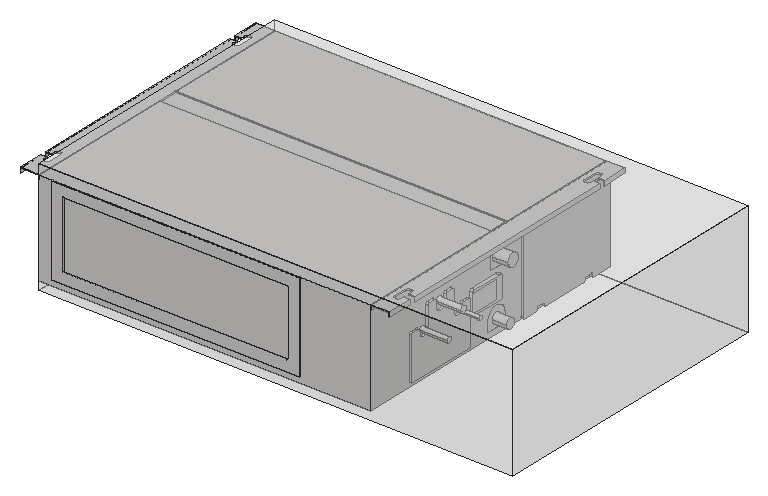
Revit family "outputfile", category 機械設備, Revit 2024
Family settings
  丸型コネクタ寸法 = 半径を使用
  パーツ タイプ = 標準
  OmniClass 番号 = 23.75.10.24.21.27.27
  OmniClass タイトル = Split System Air Conditioning Units
  作業面ベース = いいえ
  常に垂直 = はい
  ロード時にボイドで切り取り = いいえ
  注釈の向きを維持 = いいえ
  共有 = いいえ
  部屋計算ポイント = はい
Parameters (values of type "FPRSQ20APVM")
  Description = ""
  製造元 = "Daikin"
  書き出し IFC クラス(タイプ) = "IfcUnitaryEquipmentType"
  定義済み IFC タイプ(タイプ) = "AIRCONDITIONINGUNIT"
  Cost = 0
  モデル = "FPRSQ20APVM"
  Type Comments = ""
  Keynote = ""
  Type Image = (empty or 0)
  Assembly Code = ""
  r_HP/LP Gas Pipe Size = [HP/LP Gas Pipe Size] / 2  # 4.75 mm
  lw_suctionflange = 40.0 mm  # constant formula
  r_Liquid Pipe Size = Liquid Pipe Size / 2  # 3.2 mm
  r_Gas Pipe Size = Gas Pipe Size / 2  # 6.35 mm
  r_Drain Pipe Size = Drain Pipe Size / 2  # 13.0 mm
  lw_dischargeflange = 61.0 mm
  lw_SA_left = 351.0 mm
  lw_SA = Width - 178.0 mm  # 522.0 mm
  lw_RA = 618.0 mm
  lw_HP/LP Gas = 60.0 mm  # constant formula
  lh_suctionflange [instance] = if(Rear Connection_Return Air, -100.0 mm, -10.0 mm)  # -100.0 mm
  lh_power = 100.0 mm  # constant formula
  lh_mountinghole1 = lh_mountinghole  # 200.0 mm
  lh_dischargeflange = 105.5 mm  # constant formula
  lh_RA = 198.0 mm  # constant formula
  lh_HP/LP Gas = -103.0 mm  # constant formula
  left_pipe = no
  ld_dischargeflange = 310.0 mm  # constant formula
  ld_suctionflange [instance] = if(Rear Connection_Return Air, 190.0 mm, 100.0 mm)  # 190.0 mm
  ld_HP/LP Gas = 179.0 mm  # constant formula
  angle_vertical_RA [instance] = if(Rear Connection_Return Air, 90.00°, 0.00°)  # 90.00°
  angle horizontal_RA [instance] = if(Rear Connection_Return Air, 180.00°, 270.00°)  # 180.00°
  Voltage_comment_60Hz = "220-230"
  Voltage_comment_50Hz = "220 - 240"
  Voltage_60Hz = 220 V
  Voltage_50Hz = 230 V
  URL = ""
  Supply Air Direction [instance] = yes
  Sound Power Level_H speed (dB) = 0
  Rear Connection_Return Air [instance] = not(Bottom Connection_Return Air)  # yes
  ld_RA = 190.0 mm  # constant formula
  Phase_60Hz = 1
  Phase_50Hz = 1
  Minimum External Static Pressure = 0.00 Pa
  Minimum Circuit Amps_60Hz = 0.44 A
  Minimum Circuit Amps_50Hz = 0.44 A
  Maximum Fuse Amps_60Hz = 16.0 A
  Maximum Fuse Amps_50Hz = 16.0 A
  Maximum External Static Pressure = 10.00 Pa
  Material_Casing = DAIKIN_GalvanizedSteel_Casing_indoorunit
  lw_mountinghole = 740.0 mm
  lh_gaspipe = -67.0 mm  # constant formula
  lh_mountinghole = 200.0 mm  # constant formula
  lh_liquidpipe = -103.0 mm  # constant formula
  lh_drainpipe = -50.0 mm  # constant formula
  lh_antena = 1.0 mm  # constant formula
  ld_drainpipe = 23.0 mm  # constant formula
  ld_liquidpipe = 89.0 mm  # constant formula
  ld_gaspipe = 134.0 mm  # constant formula
  ld_mountinghole = 500.0 mm  # constant formula
  h*** = 100.0 mm  # constant formula
  lw_liquidpipe = 54.5 mm  # constant formula
  lw_gaspipe = 54.5 mm  # constant formula
  lw_drainpipe = 33.0 mm  # constant formula
  Width = 700.0 mm
  Version = "ver.1.0"
  Unit Type = "Moisture Control Intelligent 3D Air Flow Ceiling Mounted Duct Type"
  Unit Mass Weight = 24.00 kg
  Unit Designation [instance] = ""
  Uniclass2015Version = "Products v1.30"
  Uniclass2015Title = "Variable refrigerant flow units"
  Uniclass2015Code = "Pr_70_65_03_94"
  Total Cooling Capacity [instance] = 0.000 kW
  Sound Pressure Level_M speed (dBA) = 26
  Sound Pressure Level_L speed (dBA) = 23
  Sound Pressure Level_H speed (dBA) = 29
  Series = "VRV HOME_Fan Coil Unit"
  Sensible Cooling Capacity [instance] = 0.000 kW
  SA Duct Size Width = 456.0 mm
  SA Duct Size Height = 141.0 mm
  Refrigerant Type = "R410A"
  RA Duct Size Width = 580.0 mm
  RA Duct Size Height = 160.0 mm
  Power Input (Cooling) = 0.033 kW
  Option Accessory 3 [instance] = ""
  Option Accessory 2 [instance] = ""
  Option Accessory 1 [instance] = ""
  Nominal Cooling Capacity = 2.200 kW
  Minimum Airflow = 324.00 m³/h
  Median Airflow = 378.00 m³/h
  Maximum Airflow = 432.00 m³/h
  Load Classification = HVAC
  Liquid Pipe Size = 6.4 mm
  Link_Nested Family [instance] = ""
  IfcVersion = ""
  IfcExportType = "AIRCONDITIONINGUNIT"
  IfcExportAs = "IfcUnitaryEquipmentType"
  Height = 200.0 mm
  Heat Exchanger Type = "Cross Fin Coil"
  HP/LP Gas Pipe Size = 9.5 mm
  Gas Pipe Size = 12.7 mm
  Frequency_60Hz = 60 Hz
  Frequency_50Hz = 50 Hz
  Fan Type = "Sirocco Fan"
  Fan Drive = "Direct Drive"
  FCU Tag No. [instance] = ""
  Drain Pipe Size = 26.0 mm
  Design Supply Airflow [instance] = 0.00 m³/h
  Design Return Airflow [instance] = 0.00 m³/h
  Design External Static Pressure [instance] = 0.00 Pa
  Depth = 620.0 mm
  既定の高さ = 0.0 mm
  Cooling Entering Wet Bulb Temperature [instance] = 0.00 °C
  Cooling Entering Dry Bulb Temperature [instance] = 0.00 °C
  Cooling Ambient Wet Bulb Temperature [instance] = 0.00 °C
  Cooling Ambient Dry Bulb Temperature [instance] = 0.00 °C
  Clearance visibility [instance] = yes
  Clearance Top = 20.0 mm
  Clearance Right = 300.0 mm
  Clearance Rear = 0.0 mm
  Clearance Left = 0.0 mm
  Clearance Front = 0.0 mm
  Clearance Bottom = 20.0 mm
  Bottom Connection_Return Air [instance] = no
Reference planes
  plane 1 "Center (Front/Back)": y = 0
  plane 2 "h": z = 0
  plane 3 "Center (Left/Right)": x = 0
  plane 4 "Back": y = 310
  plane 5 "Front": y = -310
  plane 6 "Left": x = -350
  plane 7 "Reight": x = 350
  plane 8 "Top": z = 0
  plane 9 "Bottom": z = -200
  plane 10: z = 1.2
  plane 11: z = -2
  plane 12: y = -136.255
  plane 13: y = -88.831
  plane 14: x = -370
  plane 15 "lh_mountinghole": z = 0
  plane 16: z = -50
  plane 17: y = -250
  plane 18: y = 250
  plane 19 "ld_liquidpipe": y = -89
  plane 20 "ld_gaspipe": y = -134
  plane 21: y = -215
  plane 22 "ld_drainpipe": y = 23
  plane 23: x = -370
  plane 24: x = -350
  plane 25: x = 348.7
  plane 26: x = 383
  plane 27: x = 357
  plane 28: x = 360
  plane 29: x = 358
  plane 30: x = 370
  plane 31: y = 20
  plane 32: x = 380
  plane 33: x = 348
  plane 34: y = 310
  plane 35: y = -310
  plane 36: x = -350
  plane 37: x = 650
  plane 38: z = 20
  plane 39: z = -220
  plane 40: y = 335
  plane 41: z = -198
  plane 42: z = 205.102
  plane 43 "d_liquid_pipe": x = 404.5
  plane 44 "d_gas_pipe": x = 404.5
  plane 45 "ld_SA": y = -310
  plane 46: x = -350
  plane 47: x = -61
  plane 48: y = 500
  plane 49: z = -94.5
  plane 50: x = -349
  plane 51: z = -199
  plane 52: z = -1
  plane 53: y = 120
  plane 54: y = 110
  plane 55: z = -10
  plane 56 "RA_width": x = -40
  plane 57: y = 210
  plane 58 "RA_depth": y = 120
  plane 59: z = -100
  plane 60: x = -349
  plane 61: y = 309
  plane 62: x = 241.57
  plane 63: z = -30
  plane 64 "ld_HP/LP Gas": y = -179
  plane 65: x = 410
  plane 66: x = 330.5
  plane 67: y = 260.8
  plane 68 "h115": z = -84.79
  plane 69: y = 194.79
Forms (mm)
  Extrusion 1, solid, material "DAIKIN_GalvanizedSteel_Casing_indoorunit" <- "Material_Casing"
    sketch origin (0, 0, 0) x (1, 0, 0) y (0, 1, 0)
      loop
        line (-350, 310) -> (-350, -310) -> (350, -310) -> (350, 310) -> (-350, 310)
    from -200 to 0
  Extrusion 2, solid, material "DAIKIN_GalvanizedSteel_Casing_indoorunit" <- "Material_Casing"
    sketch origin (0, 0, 0) x (0, 1, 0) y (0, 0, 1)
      loop
        arc (22.012, -86.909) -> (21.133, -84.787) -> (19.012, -83.909) r 3
        line (19.012, -83.909) -> (-47.992, -83.909)
        arc (-47.992, -83.909) -> (-50.114, -84.788) -> (-50.992, -86.91) r 3
        line (-50.992, -86.91) -> (-50.992, -128.409)
        arc (-50.992, -128.409) -> (-50.114, -130.53) -> (-47.992, -131.409) r 3
        line (-47.992, -131.409) -> (19.012, -131.409)
        arc (19.012, -131.409) -> (21.133, -130.53) -> (22.012, -128.409) r 3
        line (22.012, -128.409) -> (22.012, -86.909)
    from 350 to 360
  Extrusion 3, void
    sketch origin (0, 0, 0) x (1, 0, 0) y (0, 1, 0)
      loop
        line (348.7, 48.53) -> (-350, 48.53) -> (-350, 6.27) -> (348.7, 6.27) -> (348.7, 48.53)
    from -2 to 0
  Extrusion 4, void
    sketch origin (0, 0, 0) x (0, 1, 0) y (0, 0, 1)
      loop
        line (-138.492, -87.409) -> (-138.492, -127.909) -> (9.612, -127.909) -> (9.612, -87.409) -> (-138.492, -87.409)
    from 358 to 360
  Extrusion 5, solid, material "DAIKIN_GalvanizedSteel_Casing_indoorunit" <- "Material_Casing"
    sketch origin (0, 0, 0) x (0, 1, 0) y (0, 0, 1)
      loop
        circle (20, -170) r 10
    from 350 to 380
  Extrusion 6, solid, material "DAIKIN_GalvanizedSteel_Casing_indoorunit" <- "Material_Casing"
    sketch origin (0, 0, 0) x (0, 1, 0) y (0, 0, 1)
      loop
        circle (23, -50) r 13
    from 348 to 383
  Extrusion 7, void
    sketch origin (0, 0, 0) x (0, 1, 0) y (0, 0, 1)
      loop
        arc (2.051, -70.461) -> (3.512, -73.988) -> (7.039, -75.449) r 4.988
        line (7.039, -75.449) -> (38.961, -75.449)
        arc (38.961, -75.449) -> (42.488, -73.988) -> (43.949, -70.461) r 4.988
        line (43.949, -70.461) -> (43.949, -34.039)
        arc (43.949, -34.039) -> (42.488, -30.512) -> (38.961, -29.051) r 4.988
        line (38.961, -29.051) -> (7.039, -29.051)
        arc (7.039, -29.051) -> (3.512, -30.512) -> (2.051, -34.039) r 4.988
        line (2.051, -34.039) -> (2.051, -70.461)
      loop
        arc (44.442, -169.501) -> (20.002, -145.061) -> (-4.438, -169.501) r 24.44
        line (-4.438, -169.501) -> (-4.438, -189.537) -> (44.442, -189.537) -> (44.442, -169.501)
    from 348 to 350
  Extrusion 8, solid
    sketch origin (0, 0, 0) x (0, 1, 0) y (0, 0, 1)
      loop
        circle (-89, -103) r 3.2
    from 350 to 404.5
  Extrusion 9, solid
    sketch origin (0, 0, 0) x (0, 1, 0) y (0, 0, 1)
      loop
        circle (-134, -67) r 6.35
    from 350 to 404.5
  Extrusion 10, solid, material "DAIKIN_GalvanizedSteel_Casing_indoorunit" <- "Material_Casing"
    sketch origin (0, 0, 0) x (1, 0, 0) y (0, 1, 0)
      loop
        circle (330.5, 260.8) r 17.5
    from -198 to -200
  Extrusion 11, void
    sketch origin (0, 0, 0) x (1, 0, 0) y (0, 0, 1)
      loop
        line (-349, -1) -> (-349, -199) -> (269, -199) -> (269, -1) -> (-349, -1)
    from -310 to -120
  Extrusion 12, void
    sketch origin (0, 0, 0) x (1, 0, 0) y (0, 1, 0)
      loop
        line (-349, 309) -> (-349, 111) -> (269, 111) -> (269, 309) -> (-349, 309)
    from -200 to -10
  Extrusion 13, solid, material "DAIKIN_GalvanizedSteel_Casing_indoorunit" <- "Material_Casing", visible <- "Rear Connection_Return Air"
    sketch origin (0, 0, 0) x (1, 0, 0) y (0, 1, 0)
      loop
        line (269, 309) -> (-349, 309) -> (-349, 111) -> (269, 111) -> (269, 309)
    from -200 to -199
  Extrusion 14, solid, material "DAIKIN_GalvanizedSteel_Casing_indoorunit" <- "Material_Casing", visible <- "Bottom Connection_Return Air"
    sketch origin (0, 0, 0) x (1, 0, 0) y (0, 0, 1)
      loop
        line (269, -1) -> (-349, -1) -> (-349, -199) -> (269, -199) -> (269, -1)
    from -310 to -300
  Extrusion 15, solid
    sketch origin (0, 0, 0) x (0, 1, 0) y (0, 0, 1)
      loop
        circle (-179, -103) r 4.75
    from 350 to 410
  Extrusion 16, solid, material "DAIKIN_GalvanizedSteel_Casing_indoorunit" <- "Material_Casing"
    sketch origin (0, 0, 0) x (0, 1, 0) y (0, 0, 1)
      loop
        arc (83.953, -195.012) -> (84.829, -197.128) -> (86.945, -198.005) r 2.993
        line (86.945, -198.005) -> (116.373, -198.005)
        arc (116.373, -198.005) -> (118.489, -197.128) -> (119.366, -195.012) r 2.993
        line (119.366, -195.012) -> (119.366, -188.29)
        arc (119.366, -188.29) -> (120.862, -186.794) -> (122.359, -188.29) r 1.496
        line (122.359, -188.29) -> (122.359, -190.333) -> (137.322, -190.333) -> (137.322, -188.29)
        arc (137.322, -188.29) -> (138.818, -186.794) -> (140.315, -188.29) r 1.496
        line (140.315, -188.29) -> (140.315, -195.012)
        arc (140.315, -195.012) -> (141.191, -197.128) -> (143.307, -198.005) r 2.993
        line (143.307, -198.005) -> (241.068, -198.005)
        arc (241.068, -198.005) -> (243.185, -197.128) -> (244.061, -195.012) r 2.993
        line (244.061, -195.012) -> (244.061, -188.29)
        arc (244.061, -188.29) -> (245.558, -186.794) -> (247.054, -188.29) r 1.496
        line (247.054, -188.29) -> (247.054, -190.333) -> (262.017, -190.333) -> (262.017, -188.29)
        arc (262.017, -188.29) -> (263.514, -186.794) -> (265.01, -188.29) r 1.496
        line (265.01, -188.29) -> (265.01, -195.012)
        arc (265.01, -195.012) -> (265.887, -197.128) -> (268.003, -198.005) r 2.993
        line (268.003, -198.005) -> (310, -198.005) -> (310, -22.445) -> (280.969, -22.445) -> (277.477, -25.937) -> (207.648, -25.937) -> (204.157, -22.445) -> (86.945, -22.445)
        arc (86.945, -22.445) -> (84.829, -23.322) -> (83.953, -25.438) r 2.993
        line (83.953, -25.438) -> (83.953, -195.012)
      loop
        arc (-116.44, -57.656) -> (-118.563, -58.535) -> (-119.443, -60.659) r 3.003
        line (-119.443, -60.659) -> (-119.443, -71.5)
        arc (-119.443, -71.5) -> (-134, -86.057) -> (-148.557, -71.5) r 14.557
        line (-148.557, -71.5) -> (-148.557, -60.659)
        arc (-148.557, -60.659) -> (-149.437, -58.535) -> (-151.56, -57.656) r 3.003
        line (-151.56, -57.656) -> (-164.073, -57.656)
        arc (-164.073, -57.656) -> (-166.196, -58.535) -> (-167.076, -60.659) r 3.003
        line (-167.076, -60.659) -> (-167.076, -103)
        arc (-167.076, -103) -> (-179.13, -115.055) -> (-191.185, -103) r 12.055
        line (-191.185, -103) -> (-191.185, -98.897)
        arc (-191.185, -98.897) -> (-192.064, -96.774) -> (-194.188, -95.894) r 3.003
        line (-194.188, -95.894) -> (-208.202, -95.894)
        arc (-208.202, -95.894) -> (-210.325, -96.774) -> (-211.205, -98.897) r 3.003
        line (-211.205, -98.897) -> (-211.205, -189.537) -> (-58.882, -189.537) -> (-58.882, -98.897)
        arc (-58.882, -98.897) -> (-59.762, -96.774) -> (-61.885, -95.894) r 3.003
        line (-61.885, -95.894) -> (-74.026, -95.894)
        arc (-74.026, -95.894) -> (-76.15, -96.774) -> (-77.029, -98.897) r 3.003
        line (-77.029, -98.897) -> (-77.029, -103)
        arc (-77.029, -103) -> (-88.977, -114.948) -> (-100.924, -103) r 11.948
        line (-100.924, -103) -> (-100.924, -60.659)
        arc (-100.924, -60.659) -> (-101.804, -58.535) -> (-103.927, -57.656) r 3.003
        line (-103.927, -57.656) -> (-116.44, -57.656)
    from 350 to 357
  Revolve 17, solid, material "DAIKIN_GalvanizedSteel_Casing_indoorunit" <- "Material_Casing", visible <- "left_pipe"
    sketch origin (0, 0, -84.79) x (0, 1, 0) y (-1, 0, 0)
      loop
        line (194.79, 350) -> (194.79, 365.7) -> (187.29, 365.7) -> (187.29, 358.7) -> (177.29, 358.7) -> (177.29, 350) -> (194.79, 350)
      axis (194.79, 365.7) -> (194.79, 350)
    angle from 0 to 360
Cuts and joins
  Extrusion 3, Extrusion 4, Extrusion 7, Extrusion 11, Extrusion 12 cuts Extrusion 1
  Extrusion 4 cuts Extrusion 2
  Extrusion 11 cuts Extrusion 6
Dimensions and locks
  "Height": plane 8 "Top" to plane 9 "Bottom"
  locked: plane 10 to plane 8 "Top" at 1.2
  locked: plane 8 "Top" to plane 11 at 2
  equal spacing: plane 17, plane 1 "Center (Front/Back)", plane 18
  "ld_mountinghole": plane 17 to plane 18
  "ld_gaspipe": plane 20 "ld_gaspipe" to plane 1 "Center (Front/Back)"
  "ld_liquidpipe": plane 19 "ld_liquidpipe" to plane 1 "Center (Front/Back)"
  equal spacing: plane 4 "Back", plane 1 "Center (Front/Back)", plane 5 "Front"
  "Depth": plane 4 "Back" to plane 5 "Front"
  locked: plane 12 to plane 1 "Center (Front/Back)" at 136.255
  locked: plane 12 to plane 13 at 47.425
  locked: plane 13 to plane 1 "Center (Front/Back)" at 88.831
  equal spacing: plane 6 "Left", plane 3 "Center (Left/Right)", plane 7 "Reight"
  "Width": plane 6 "Left" to plane 7 "Reight"
  "lw_drainpipe": plane 7 "Reight" to plane 26
  locked: plane 7 "Reight" to plane 27 at 7
  locked: plane 28 to plane 26 at 23
  locked: plane 29 to plane 26 at 25
  equal spacing: plane 23, plane 3 "Center (Left/Right)", plane 30
  "lw_mountinghole": plane 23 to plane 30
  locked: plane 7 "Reight" to plane 32 at 30
  locked: plane 33 to plane 7 "Reight" at 2
  "Clearance Left": plane 36 to plane 6 "Left"
  "Clearance Right": plane 7 "Reight" to plane 37
  "Clearance Rear": plane 34 to plane 4 "Back"
  "Clearance Front": plane 5 "Front" to plane 35
  "Clearance Top": plane 38 to plane 8 "Top"
  "Clearance Bottom": plane 9 "Bottom" to plane 39
  locked: plane 40 to plane 4 "Back" at 25
  locked: plane 25 to plane 7 "Reight" at 1.3
  locked: plane 41 to plane 9 "Bottom" at 2
  "lw_liquidpipe": plane 7 "Reight" to plane 43 "d_liquid_pipe"
  "lw_gaspipe": plane 7 "Reight" to plane 44 "d_gas_pipe"
  "lh_mountinghole": plane 15 "lh_mountinghole" to plane 9 "Bottom"
  "ld_suctionflange": plane 48 to plane 4 "Back"
  "lw_dischargeflange": plane 47 to plane 3 "Center (Left/Right)"
  "lh_dischargeflange": plane 49 to plane 9 "Bottom"
  locked: plane 8 "Top" to plane 52 at 1
  locked: plane 50 to plane 6 "Left" at 1
  locked: plane 51 to plane 9 "Bottom" at 1
  locked: plane 55 to plane 9 "Bottom" at 190
  locked: plane 4 "Back" to plane 53 at 190
  locked: plane 4 "Back" to plane 54 at 200
  locked: plane 4 "Back" to plane 57 at 100
  "lw_suctionflange": plane 56 "RA_width" to plane 3 "Center (Left/Right)"
  "ld_suctionflange": plane 4 "Back" to plane 58 "RA_depth"
  "lh_power": plane 59 to plane 9 "Bottom"
  locked: plane 46 to plane 60 at 1
  locked: plane 34 to plane 61 at 1
  locked: plane 8 "Top" to plane 63 at 30
  locked: plane 7 "Reight" to plane 62 at 108.43
  locked: plane 16 to plane 9 "Bottom" at 150
  locked: Extrusion 3 sketch curve to Extrusion 3 sketch curve at 42.26
  "ld_HP/LP Gas": plane 64 "ld_HP/LP Gas" to plane 1 "Center (Front/Back)"
  "ld_drainpipe": plane 1 "Center (Front/Back)" to plane 22 "ld_drainpipe"
  locked: plane 1 "Center (Front/Back)" to plane 31 at 20
  locked: Extrusion 5 sketch curve to plane 9 "Bottom" at 30
  Extrusion 15 sketch curve to plane 9 "Bottom" = 97.0 mm
  "lw_HP/LP Gas": plane 7 "Reight" to plane 65
  locked: Extrusion 9 sketch curve to plane 9 "Bottom" at 133
  locked: Extrusion 8 sketch curve to plane 9 "Bottom" at 97
  plane 66 to plane 7 "Reight" = 19.5 mm
  locked: plane 68 "h115" to plane 9 "Bottom" at 115.21
  locked: plane 4 "Back" to plane 69 at 115.21
  Revolve 17 sketch curve to plane 6 "Left" = 8.7 mm
  Revolve 17 sketch curve to plane 6 "Left" = 15.7 mm
  locked: plane 69 to Revolve 17 sketch curve at 17.5
  locked: plane 69 to Revolve 17 sketch curve at 7.5
  "ld_dischargeflange": plane 45 "ld_SA" to plane 1 "Center (Front/Back)"
  plane 4 "Back" to cut or joined group of Extrusion 1, Extrusion 3, Extrusion 4, Extrusion 7, Extrusion 11, Extrusion 12 = 261.47 mm
  plane 4 "Back" to plane 67 = 49.2 mm
  "Drain Pipe Size": diameter of Extrusion 6 sketch curve
  "Liquid Pipe Size": diameter of Extrusion 8 sketch curve
  "Gas Pipe Size": diameter of Extrusion 9 sketch curve
  "HP/LP Gas Pipe Size": diameter of Extrusion 15 sketch curve
  aligned and locked: level to plane 2 "h"
  aligned and locked: plane 8 "Top" to Extrusion 1
  aligned and locked: Extrusion 1 to plane 9 "Bottom"
  aligned and locked: Extrusion 3 to plane 11
  aligned and locked: plane 8 "Top" to Extrusion 3
  aligned and locked: Extrusion 2 to Extrusion 4
  aligned and locked: nested 3 to plane 20 "ld_gaspipe"
  aligned and locked: nested 4 to plane 19 "ld_liquidpipe"
  aligned and locked: nested 5 to plane 22 "ld_drainpipe"
  aligned and locked: nested 1 to plane 7 "Reight"
  aligned and locked: plane 6 "Left" to plane 24
  aligned and locked: Extrusion 3 sketch curve to plane 24
  aligned and locked: Extrusion 3 sketch curve to plane 25
  aligned and locked: cut or joined group of Extrusion 1, Extrusion 3, Extrusion 4, Extrusion 7, Extrusion 11, Extrusion 12 to plane 6 "Left"
  aligned and locked: plane 7 "Reight" to cut or joined group of Extrusion 1, Extrusion 3, Extrusion 4, Extrusion 7, Extrusion 11, Extrusion 12
  aligned and locked: plane 26 to Extrusion 6
  aligned and locked: Extrusion 6 to plane 26  (x2)
  aligned and locked: plane 7 "Reight" to nested 1
  aligned and locked: plane 28 to cut or joined group of Extrusion 2, Extrusion 4
  aligned and locked: cut or joined group of Extrusion 2, Extrusion 4 to plane 29
  aligned and locked: nested 2 to plane 6 "Left"
  aligned and locked: plane 31 to Extrusion 5 sketch curve
  aligned and locked: Extrusion 5 to plane 7 "Reight"
  aligned and locked: plane 32 to Extrusion 5
  aligned and locked: Extrusion 2 to plane 7 "Reight"
  aligned and locked: plane 7 "Reight" to Extrusion 7
  aligned and locked: plane 33 to Extrusion 7
  aligned and locked: plane 33 to Extrusion 6
  aligned and locked: plane 3 "Center (Left/Right)" to nested 6
  aligned and locked: plane 1 "Center (Front/Back)" to nested 6
  aligned and locked: plane 4 "Back" to cut or joined group of Extrusion 1, Extrusion 3, Extrusion 4, Extrusion 7, Extrusion 11, Extrusion 12
  aligned and locked: nested 7 to plane 35
  aligned and locked: plane 36 to nested 7
  aligned and locked: plane 37 to nested 7
  aligned and locked: nested 7 to plane 36
  aligned and locked: plane 34 to nested 7
  aligned and locked: plane 38 to nested 7
  aligned and locked: plane 39 to nested 7
  aligned and locked: Extrusion 8 to plane 7 "Reight"
  aligned and locked: plane 43 "d_liquid_pipe" to Extrusion 8
  aligned and locked: plane 20 "ld_gaspipe" to Extrusion 9 sketch curve
  aligned and locked: Extrusion 9 to plane 7 "Reight"
  aligned and locked: plane 44 "d_gas_pipe" to Extrusion 9
  aligned and locked: plane 44 "d_gas_pipe" to nested 3
  aligned and locked: plane 43 "d_liquid_pipe" to nested 4
  aligned and locked: plane 19 "ld_liquidpipe" to Extrusion 8 sketch curve
  aligned and locked: plane 15 "lh_mountinghole" to nested 2
  aligned and locked: plane 15 "lh_mountinghole" to nested 1
  aligned and locked: plane 30 to nested 8
  aligned and locked: plane 17 to nested 8
  aligned and locked: plane 30 to nested 11
  aligned and locked: plane 18 to nested 11
  aligned and locked: plane 23 to nested 9
  aligned and locked: plane 18 to nested 9
  aligned and locked: plane 23 to nested 10
  aligned and locked: plane 17 to nested 10
  aligned and locked: plane 47 to nested 12
  aligned and locked: plane 49 to nested 12
  aligned and locked: Extrusion 10 to plane 9 "Bottom"
  aligned and locked: nested 13 to plane 9 "Bottom"
  aligned and locked: plane 50 to Extrusion 11 sketch curve
  aligned and locked: Extrusion 11 sketch curve to plane 52
  aligned and locked: plane 51 to Extrusion 11 sketch curve
  aligned and locked: plane 4 "Back" to Extrusion 11
  aligned and locked: Extrusion 12 to plane 9 "Bottom"
  aligned and locked: plane 55 to Extrusion 12
  aligned and locked: Extrusion 13 sketch curve to cut or joined group of Extrusion 1, Extrusion 3, Extrusion 4, Extrusion 7, Extrusion 11, Extrusion 12
  aligned and locked: cut or joined group of Extrusion 1, Extrusion 3, Extrusion 4, Extrusion 7, Extrusion 11, Extrusion 12 to Extrusion 13 sketch curve
  aligned and locked: Extrusion 13 to plane 9 "Bottom"
  aligned and locked: Extrusion 11 to plane 53
  aligned and locked: Extrusion 14 sketch curve to cut or joined group of Extrusion 1, Extrusion 3, Extrusion 4, Extrusion 7, Extrusion 11, Extrusion 12  (x3)
  aligned and locked: plane 4 "Back" to Extrusion 14
  aligned and locked: Extrusion 13 to cut or joined group of Extrusion 1, Extrusion 3, Extrusion 4, Extrusion 7, Extrusion 11, Extrusion 12
  aligned and locked: plane 7 "Reight" to nested 5
  aligned and locked: plane 22 "ld_drainpipe" to nested 5
  aligned and locked: nested 2 to plane 1 "Center (Front/Back)"
  aligned and locked: plane 22 "ld_drainpipe" to Extrusion 6 sketch curve
  aligned and locked: plane 7 "Reight" to nested 17
  aligned and locked: plane 64 "ld_HP/LP Gas" to nested 17
  aligned and locked: plane 64 "ld_HP/LP Gas" to Extrusion 15 sketch curve
  aligned and locked: Extrusion 15 to plane 65
  aligned and locked: Extrusion 16 to plane 7 "Reight"
  aligned and locked: Extrusion 16 to plane 27
  aligned and locked: plane 67 to Extrusion 10 sketch curve
  aligned and locked: plane 66 to Extrusion 10 sketch curve
  aligned and locked: plane 66 to nested 13
  aligned and locked: plane 67 to nested 13
  aligned and locked: Extrusion 13 sketch curve to nested 16
  aligned and locked: plane 56 "RA_width" to nested 15
  aligned and locked: Extrusion 15 to plane 7 "Reight"
  aligned and locked: plane 56 "RA_width" to nested 16
  aligned and locked: Revolve 17 sketch curve to plane 69  (x2)
  aligned and locked: nested 15 to plane 58 "RA_depth"
  aligned and locked: plane 47 to nested 18
  aligned and locked: nested 18 to plane 49
  aligned and locked: plane 1 "Center (Front/Back)" to nested 12
  aligned and locked: plane 45 "ld_SA" to nested 18
  aligned and locked: plane 5 "Front" to Extrusion 1 sketch curve
Automatic sketch dimensions
  Extrusion 1 sketch curve to plane 6 "Left" = 0.0 mm
  Extrusion 1 sketch curve to plane 7 "Reight" = 0.0 mm
  Extrusion 1 sketch curve to plane 4 "Back" = 0.0 mm
  plane 6 "Left" to Extrusion 12 sketch curve = 1.0 mm
  Extrusion 12 sketch curve to plane 7 "Reight" = 81.0 mm
  Extrusion 12 sketch curve to plane 4 "Back" = 1.0 mm
  Extrusion 13 sketch curve to plane 4 "Back" = 1.0 mm
  plane 33 to Extrusion 14 sketch curve = 79.0 mm
  plane 33 to Extrusion 11 sketch curve = 79.0 mm
  plane 54 to Extrusion 12 sketch curve = 1.0 mm
  Extrusion 6 sketch curve to plane 16 = 0.0 mm
  Extrusion 2 sketch curve to Extrusion 2 sketch curve = 3.0 mm  (x5)
  Extrusion 2 sketch curve to plane 49 = 7.591 mm
  Extrusion 4 sketch curve to plane 49 = 7.091 mm
  Extrusion 4 sketch curve to plane 1 "Center (Front/Back)" = 9.612 mm
  plane 20 "ld_gaspipe" to Extrusion 4 sketch curve = 4.492 mm
  Extrusion 4 sketch curve to plane 59 = 27.909 mm
  plane 22 "ld_drainpipe" to Extrusion 2 sketch curve = 3.988 mm
  Extrusion 2 sketch curve to plane 59 = 28.409 mm
  Extrusion 2 sketch curve to plane 19 "ld_liquidpipe" = 41.008 mm
  plane 1 "Center (Front/Back)" to Extrusion 7 sketch curve = 4.438 mm
  Extrusion 7 sketch curve to plane 1 "Center (Front/Back)" = 2.051 mm
  plane 63 to Extrusion 7 sketch curve = 0.949 mm
  Extrusion 7 sketch curve to plane 1 "Center (Front/Back)" = 7.039 mm  (x2)
  plane 22 "ld_drainpipe" to Extrusion 7 sketch curve = 2.998 mm
  Extrusion 7 sketch curve to plane 22 "ld_drainpipe" = 15.961 mm  (x2)
  Extrusion 7 sketch curve to Extrusion 7 sketch curve = 4.988 mm
  Extrusion 7 sketch curve to plane 49 = 24.039 mm
  plane 41 to Extrusion 7 sketch curve = 28.499 mm
  plane 41 to Extrusion 7 sketch curve = 8.463 mm
  Extrusion 16 sketch curve to plane 21 = 3.795 mm  (x2)
  Extrusion 16 sketch curve to Extrusion 16 sketch curve = 3.003 mm  (x6)
  plane 49 to Extrusion 16 sketch curve = 1.394 mm  (x4)
  Extrusion 16 sketch curve to Extrusion 16 sketch curve = 0.0 mm  (x18)
  plane 49 to Extrusion 16 sketch curve = 4.397 mm  (x2)
  Extrusion 16 sketch curve to Extrusion 16 sketch curve = 14.014 mm
  Extrusion 16 sketch curve to plane 64 "ld_HP/LP Gas" = 0.13 mm
  plane 64 "ld_HP/LP Gas" to Extrusion 16 sketch curve = 11.924 mm
  Extrusion 16 sketch curve to Extrusion 16 sketch curve = 12.513 mm  (x2)
  plane 20 "ld_gaspipe" to Extrusion 16 sketch curve = 0.0 mm
  Extrusion 16 sketch curve to plane 59 = 3.0 mm  (x3)
  plane 19 "ld_liquidpipe" to Extrusion 16 sketch curve = 11.924 mm
  Extrusion 16 sketch curve to plane 19 "ld_liquidpipe" = 0.023 mm
  Extrusion 16 sketch curve to Extrusion 16 sketch curve = 12.141 mm
  plane 41 to Extrusion 16 sketch curve = 8.463 mm
  Extrusion 16 sketch curve to plane 19 "ld_liquidpipe" = 30.118 mm
  plane 63 to Extrusion 16 sketch curve = 4.562 mm
  Extrusion 16 sketch curve to plane 53 = 36.047 mm
  Extrusion 16 sketch curve to Extrusion 16 sketch curve = 2.993 mm  (x4)
  Extrusion 16 sketch curve to plane 41 = 0.005 mm  (x3)
  Extrusion 16 sketch curve to plane 53 = 3.627 mm
  Extrusion 16 sketch curve to plane 53 = 0.634 mm
  plane 53 to Extrusion 16 sketch curve = 0.862 mm
  Extrusion 16 sketch curve to Extrusion 16 sketch curve = 14.963 mm
  Extrusion 16 sketch curve to Extrusion 16 sketch curve = 1.496 mm  (x3)
  Extrusion 16 sketch curve to plane 57 = 5.843 mm
  Extrusion 16 sketch curve to plane 57 = 2.352 mm
  plane 18 to Extrusion 16 sketch curve = 8.932 mm
  plane 18 to Extrusion 16 sketch curve = 5.939 mm
  Extrusion 16 sketch curve to plane 18 = 12.017 mm
  plane 63 to Extrusion 16 sketch curve = 4.063 mm
  Extrusion 16 sketch curve to plane 18 = 27.477 mm
  Extrusion 16 sketch curve to Extrusion 16 sketch curve = 3.491 mm
  Extrusion 16 sketch curve to plane 4 "Back" = 0.0 mm
  Extrusion 16 sketch curve to Extrusion 16 sketch curve = 4.679 mm  (x2)
  Extrusion 16 sketch curve to Extrusion 16 sketch curve = 2.042 mm  (x4)
  Extrusion 16 sketch curve to plane 49 = 23.0 mm
  Extrusion 16 sketch curve to Extrusion 16 sketch curve = 10.841 mm  (x4)
  plane 63 to Extrusion 16 sketch curve = 7.555 mm
  Revolve 17 sketch curve to plane 6 "Left" = 0.0 mm
  plane 60 to Revolve 17 sketch curve = 53.3 mm
  Revolve 17 sketch curve to plane 14 = 10.7 mm
  Extrusion 3 sketch curve to plane 1 "Center (Front/Back)" = 6.27 mm
  radius of Extrusion 5 sketch curve = 10.0 mm
  radius of Extrusion 10 sketch curve = 17.5 mm
Nested families
  nested 1: "daikin_hangerfixture_FPRSQ-APVM" at (350, 0, 0), type "daikin_hangerfixture_FPRSQ-APVM"
  nested 2: "daikin_hangerfixture_FPRSQ-APVM" at (-350, 0, 0) x (-1, 0, 0) z (0, 0, 1), type "daikin_hangerfixture_FPRSQ-APVM"
  nested 3: "daikin_connector_rotate2" at (350, -134, -67) x (0, 1, 0) z (0, 0, 1), length <- "lw_gaspipe", built-in parameter 1001364 <- "lh_gaspipe", type "daikin_connector_rotate2"
    with radius 6.35 mm, length 54.5 mm, angle_vertical 90.00°
  nested 4: "daikin_connector_rotate2" at (350, -89, -103) x (0, 1, 0) z (0, 0, 1), length <- "lw_liquidpipe", built-in parameter 1001364 <- "lh_liquidpipe", type "daikin_connector_rotate2"
    with radius 3.2 mm, length 54.5 mm, angle_vertical 90.00°
  nested 5: "daikin_connector_rotate2" at (350, 23, -50) x (0, 1, 0) z (0, 0, 1), length <- "lw_drainpipe", built-in parameter 1001364 <- "lh_drainpipe", type "daikin_connector_rotate2"
    with radius 10.0 mm, length 33.0 mm, angle_vertical 90.00°
  nested 6: "daikin_△_symbolicline" at (0, 0, 200), built-in parameter 1001364 <- "Height", visible <- "Supply Air Direction", type "daikin_△_symbolicline"
    with length 200.0 mm
  nested 7: "daikin_clearancespace" at (150, 0, -99.881), visible <- "Clearance visibility", show <- "Clearance visibility", Link_Nested Family <- "Link_Nested Family", type "daikin_clearancespace"
    with width 1000.0 mm, show yes, height 240.0 mm, depth 620.0 mm, Link_Nested Family ""
  nested 8: "daikin_mountinghole" at (370, -250, -200), l_antenna <- "lh_antena", Link_Nested Family <- "Link_Nested Family", h_mountinghole <- "lh_mountinghole1", type "daikin_mountinghole"
    with show yes, l_antenna 1.0 mm, h_mountinghole 200.0 mm, Link_Nested Family ""
  nested 9: "daikin_mountinghole" at (-370, 250, -200), l_antenna <- "lh_antena", Link_Nested Family <- "Link_Nested Family", h_mountinghole <- "lh_mountinghole1", type "daikin_mountinghole"
    with show yes, l_antenna 1.0 mm, h_mountinghole 200.0 mm, Link_Nested Family ""
  nested 10: "daikin_mountinghole" at (-370, -250, -200), l_antenna <- "lh_antena", Link_Nested Family <- "Link_Nested Family", h_mountinghole <- "lh_mountinghole1", type "daikin_mountinghole"
    with show yes, l_antenna 1.0 mm, h_mountinghole 200.0 mm, Link_Nested Family ""
  nested 11: "daikin_mountinghole" at (370, 250, -200), l_antenna <- "lh_antena", Link_Nested Family <- "Link_Nested Family", h_mountinghole <- "lh_mountinghole1", type "daikin_mountinghole"
    with show yes, l_antenna 1.0 mm, h_mountinghole 200.0 mm, Link_Nested Family ""
  nested 12: "daikin_connector_rotate2" at (-61, 0, -94.5), length <- "ld_dischargeflange", type "daikin_connector_rotate2"
    with radius 10.0 mm, length 310.0 mm, angle_vertical 90.00°
  nested 13: "daikin_connector_rotate2" at (330.5, 260.8, -100) x (1, 0, 0) z (0, -1, 0), length <- "lh_power", type "daikin_connector_rotate2"
    with radius 10.0 mm, length 100.0 mm, angle_vertical 90.00°
  nested 14: "daikin_ductflange_FPRSQ-APVM2" at (-40, 310, -199), height <- "lh_RA", width <- "lw_RA", visible <- "Rear Connection_Return Air", type "daikin_ductflange_FPRSQ-APVM2"
    with width 618.0 mm, height 198.0 mm, depth 8.188 mm
  nested 15: "daikin_connector_rotate3" at (-40, 120, -100), built-in parameter 1001364 <- "lh_suctionflange", length <- "ld_RA", angle_vertical <- "angle_vertical_RA", angle_horizontal <- "angle horizontal_RA", type "daikin_connector_rotate3"
    with show no, radius 10.0 mm, length 190.0 mm, angle_vertical 90.00°, angle_horizontal 180.00°
  nested 16: "daikin_ductflange_FPRSQ-APVM2" at (-40, 111, -200) x (1, 0, 0) z (0, 1, 0), width <- "lw_RA", height <- "lh_RA", visible <- "Bottom Connection_Return Air", type "daikin_ductflange_FPRSQ-APVM2"
    with width 618.0 mm, height 198.0 mm, depth 562.323 mm
  nested 17: "daikin_connector_rotate2" at (350, -179, -103) x (0, 1, 0) z (0, 0, 1), length <- "lw_HP/LP Gas", built-in parameter 1001364 <- "lh_HP/LP Gas", type "daikin_connector_rotate2"
    with radius 4.8 mm, length 60.0 mm, angle_vertical 90.00°
  nested 18: "daikin_ductflange_FPRSQ-APVM3" at (-61, -310, -193.5), height <- "lh_RA", width <- "lw_SA", type "daikin_ductflange_FPRSQ-APVM3"
    with width 522.0 mm, height 198.0 mm, depth 1.0 mm
Connectors
  piping at (404.5, -134, -67), diameter 12.7, driven by "r_Gas Pipe Size"
    settings: on nested 3, index 3, connector inside diameter 609.6 mm, connector length 0.0 mm, flow factor 0, pipe flow 0.00 m³/h, pressure drop 0.0 Pa, fitting loss kfactor 0, connector angle 0.00°, fixture units 0, engagement length 0.0 mm, angle of deflection 0.00°, flow configuration 1, flow direction 2, fitting loss method 0, system type 29, joint type 0, gender type 0, connector reference index -1, connector utility 0, adjustable connector no, is connector primary yes, connector description "Refrigerant Gas Piping"
  piping at (404.5, -89, -103), diameter 6.4, driven by "r_Liquid Pipe Size"
    settings: on nested 4, index 4, connector inside diameter 609.6 mm, connector length 0.0 mm, flow factor 0, pipe flow 0.00 m³/h, pressure drop 0.0 Pa, fitting loss kfactor 0, connector angle 0.00°, fixture units 0, engagement length 0.0 mm, angle of deflection 0.00°, flow configuration 1, flow direction 1, fitting loss method 0, system type 29, joint type 0, gender type 0, connector reference index -1, connector utility 0, adjustable connector no, is connector primary no, connector description "Refrigerant Liquid Piping"
  piping at (383, 23, -50), diameter 26, driven by "r_Drain Pipe Size"
    settings: on nested 5, index 5, connector inside diameter 609.6 mm, connector length 0.0 mm, flow factor 0, pipe flow 0.00 m³/h, pressure drop 0.0 Pa, fitting loss kfactor 0, connector angle 0.00°, fixture units 0, engagement length 0.0 mm, angle of deflection 0.00°, flow configuration 1, flow direction 2, fitting loss method 4, system type 16, joint type 0, gender type 0, connector reference index -1, connector utility 0, adjustable connector no, is connector primary no, connector description "Condensate Drain Piping"
  electrical at (330.5, 260.8, -200), driven by "Load Classification"
    settings: on nested 13, index 12, voltage 0 V, apparent load 0 VA, apparent load phase1 0 VA, apparent load phase2 0 VA, apparent load phase3 0 VA, power factor 1, load classification "HVAC", number of poles 1, system type 30, power factor state 1, is connector primary yes, connector utility no, sub classification motor no, connector description "Power Supply"
  hvac at (-40, 310, -100), driven by "RA Duct Size Height", driven by "RA Duct Size Width"
    settings: on nested 15, index 13, duct flow 0.00 m³/h, flow factor 0, pres drop 0.00 Pa, loss coef 0, conn angle 0.00°, conn width 580.0 mm, conn height 160.0 mm, conn diameter 609.6 mm, duct sys type 2, conn prof type 1, flow config 0, flow direction 1, loss method 4, conn ref index -1, conn util no, is conn primary yes, conn desc "RA Duct"
  piping at (410, -179, -103), diameter 9.5, driven by "r_HP/LP Gas Pipe Size"
    settings: on nested 17, index 14, connector inside diameter 609.6 mm, connector length 0.0 mm, flow factor 0, pipe flow 0.00 m³/h, pressure drop 0.0 Pa, fitting loss kfactor 0, connector angle 0.00°, fixture units 0, engagement length 0.0 mm, angle of deflection 0.00°, flow configuration 1, flow direction 0, fitting loss method 0, system type 29, joint type 0, gender type 0, connector reference index -1, connector utility 0, adjustable connector no, is connector primary no, connector description "Refrigerant HP/LP Gas Piping"
  hvac at (-61, -310, -94.5), driven by "SA Duct Size Height", driven by "SA Duct Size Width"
    settings: on nested 12, index 15, duct flow 0.00 m³/h, flow factor 0, pres drop 0.00 Pa, loss coef 0, conn angle 0.00°, conn width 456.0 mm, conn height 141.0 mm, conn diameter 609.6 mm, duct sys type 1, conn prof type 1, flow config 0, flow direction 2, loss method 4, conn ref index -1, conn util no, is conn primary no, conn desc "SA Duct"
Definition of nested family "daikin_hangerfixture_FPRSQ-APVM"
  Parameters (values of type "daikin_hangerfixture_FXDSQ-AVM")
    width = 40.0 mm
    material = none
    height = 10.0 mm
    depth = 620.0 mm
    Default Elevation = 0.0 mm
  Reference planes
    plane 1 "Center (Front/Back)": y = 0
    plane 2: z = 0
    plane 3 "Center (Left/Right)": x = 0
    plane 4: y = 417.146
    plane 5: z = -1.6
    plane 6: x = 40
    plane 7: y = 310
    plane 8: y = -310
    plane 9: y = -313.5
    plane 10: y = 313.5
    plane 11: z = -10
    plane 12: x = 1.5
  Forms (mm)
    Extrusion 1, solid, material <- "material"
      sketch origin (0, 0, 0) x (1, 0, 0) y (0, 1, 0)
        loop
          line (12.981, 236.965) -> (12.981, 263.035)
          arc (12.981, 263.035) -> (20, 270.054) -> (27.019, 263.035) r 7.019
          line (27.019, 263.035) -> (27.019, 256.518) -> (40, 256.518) -> (40, 310) -> (0, 310) -> (0, -310) -> (40, -310) -> (40, -256.518) -> (27.019, -256.518) -> (27.019, -263.035)
          arc (27.019, -263.035) -> (20, -270.054) -> (12.981, -263.035) r 7.019
          line (12.981, -263.035) -> (12.981, -236.965)
          arc (12.981, -236.965) -> (20, -229.946) -> (27.019, -236.965) r 7.019
          line (27.019, -236.965) -> (27.019, -243.482) -> (40, -243.482) -> (40, 243.482) -> (27.019, 243.482) -> (27.019, 236.965)
          arc (27.019, 236.965) -> (20, 229.946) -> (12.981, 236.965) r 7.019
      from -1.6 to 0
    Extrusion 2, solid, material <- "material"
      sketch origin (0, 0, 0) x (0, 1, 0) y (0, 0, 1)
        loop
          line (310, -10) -> (310, 0) -> (-310, 0) -> (-310, -10) -> (310, -10)
      from 0 to 1.5
    Extrusion 3, solid, material <- "material"
      sketch origin (0, 0, 0) x (0, 1, 0) y (0, 0, 1)
        loop
          line (-310, -10) -> (-256.518, -10) -> (-256.518, 0) -> (-310, 0) -> (-310, -10)
        loop
          line (310, -10) -> (310, 0) -> (256.518, 0) -> (256.518, -10) -> (310, -10)
        loop
          line (-243.482, 0) -> (-243.482, -10) -> (243.482, -10) -> (243.482, 0) -> (-243.482, 0)
      from 38.442 to 40
  Cuts and joins
    joined: Extrusion 1, Extrusion 2, Extrusion 3
  Dimensions and locks
    "width": plane 3 "Center (Left/Right)" to plane 6
    "depth": plane 8 to plane 7
    equal spacing: plane 8, plane 1 "Center (Front/Back)", plane 7
    locked: plane 9 to plane 8 at 3.5
    locked: plane 7 to plane 10 at 3.5
    "height": level to plane 11
    locked: plane 12 to plane 3 "Center (Left/Right)" at 1.5
    locked: Extrusion 3 to plane 6 at 1.558
    aligned and locked: level to plane 2
    aligned and locked: level to Extrusion 1
    aligned and locked: Extrusion 1 to plane 5
    aligned and locked: level to Extrusion 2 sketch curve
    aligned and locked: plane 12 to Extrusion 2
    aligned and locked: level to Extrusion 3 sketch curve
    aligned and locked: plane 6 to cut or joined group of Extrusion 1, Extrusion 2, Extrusion 3
    aligned and locked: cut or joined group of Extrusion 1, Extrusion 2, Extrusion 3 to plane 11
  Automatic sketch dimensions
    Extrusion 2 sketch curve to plane 7 = 0.0 mm
    Extrusion 1 sketch curve to plane 3 "Center (Left/Right)" = 0.0 mm
    Extrusion 1 sketch curve to plane 6 = 0.0 mm  (x3)
    plane 8 to Extrusion 1 sketch curve = 0.0 mm
    plane 7 to Extrusion 1 sketch curve = 0.0 mm
    plane 12 to Extrusion 1 sketch curve = 11.481 mm  (x2)
    Extrusion 1 sketch curve to Extrusion 1 sketch curve = 7.019 mm  (x4)
    Extrusion 1 sketch curve to plane 8 = 46.965 mm
    Extrusion 1 sketch curve to Extrusion 1 sketch curve = 6.518 mm  (x4)
    Extrusion 1 sketch curve to Extrusion 1 sketch curve = 13.035 mm  (x2)
    plane 7 to Extrusion 1 sketch curve = 73.035 mm
    Extrusion 3 sketch curve to plane 8 = 0.0 mm
    Extrusion 3 sketch curve to level = 0.0 mm  (x2)
    Extrusion 3 sketch curve to plane 7 = 0.0 mm
    Extrusion 3 sketch curve to plane 8 = 53.482 mm
    Extrusion 3 sketch curve to Extrusion 3 sketch curve = 13.035 mm  (x2)
    plane 7 to Extrusion 3 sketch curve = 66.518 mm
    Extrusion 2 sketch curve to plane 8 = 0.0 mm
    Extrusion 2 sketch curve to plane 11 = 0.0 mm
    Extrusion 3 sketch curve to plane 11 = 0.0 mm  (x3)
Definition of nested family "daikin_clearancespace"
  Parameters (values of type "daikin_clearancespace")
    Description = "daikin_clearancespace"
    width [instance] = 1823.963 mm
    show [instance] = yes
    material = none
    height [instance] = 1359.762 mm
    depth [instance] = 880.0 mm
    Default Elevation = 0.0 mm
    Link_Nested Family [instance] = ""
  Reference planes
    plane 1 "Center (Front/Back)": y = 0
    plane 2 "Center (Elevation)": z = -0.119
    plane 3 "Center (Left/Right)": x = 0
    plane 4: y = 440
    plane 5: y = -440
    plane 6 "Right": x = 911.982
    plane 7 "Left": x = -911.982
    plane 8 "Top": z = 679.762
    plane 9 "Bottom": z = -680
  Forms (mm)
    Extrusion 1, solid, material <- "material", visible <- "show"
      sketch origin (0, 0, 0) x (1, 0, 0) y (0, 1, 0)
        loop
          line (-911.982, 440) -> (-911.982, -440) -> (911.982, -440) -> (911.982, 440) -> (-911.982, 440)
      from -680 to 679.762
  Lines and regions (mm)
    symbolic lines, visible <- "show"
      curve 1: line (911.982, 440, 0) -> (-911.982, 440, 0)
      curve 2: line (-911.982, 440, 0) -> (-911.982, -440, 0)
      curve 3: line (-911.982, -440, 0) -> (911.982, -440, 0)
      curve 4: line (911.982, -440, 0) -> (911.982, 440, 0)
      curve 5: line (911.982, 0, 679.762) -> (-911.982, 0, 679.762)
      curve 6: line (911.982, 0, -680) -> (911.982, 0, 679.762)
      curve 7: line (-911.982, 0, -680) -> (911.982, 0, -680)
      curve 8: line (-911.982, 0, 679.762) -> (-911.982, 0, -680)
      curve 9: line (0, 440, 679.762) -> (0, -440, 679.762)
      curve 10: line (0, -440, 679.762) -> (0, -440, -680)
      curve 11: line (0, 440, -680) -> (0, 440, 679.762)
      curve 12: line (0, -440, -680) -> (0, 440, -680)
  Dimensions and locks
    "width": plane 7 "Left" to plane 6 "Right"
    "depth": plane 4 to plane 5
    "height": plane 8 "Top" to plane 9 "Bottom"
    equal spacing: plane 7 "Left", plane 3 "Center (Left/Right)", plane 6 "Right"
    equal spacing: plane 4, plane 1 "Center (Front/Back)", plane 5
    equal spacing: plane 8 "Top", plane 2 "Center (Elevation)", plane 9 "Bottom"
    aligned and locked: level to plane 2 "Center (Elevation)"
    aligned and locked: Extrusion 1 sketch curve to plane 4
    aligned and locked: plane 7 "Left" to Extrusion 1 sketch curve
    aligned and locked: Extrusion 1 sketch curve to plane 5
    aligned and locked: Extrusion 1 sketch curve to plane 6 "Right"
    aligned and locked: plane 8 "Top" to Extrusion 1
    aligned and locked: curve 1 to Extrusion 1
    aligned and locked: curve 2 to Extrusion 1
    aligned and locked: curve 3 to Extrusion 1
    aligned and locked: curve 4 to Extrusion 1
    aligned and locked: curve 5 to Extrusion 1
    aligned and locked: curve 6 to Extrusion 1
    aligned and locked: curve 7 to Extrusion 1
    aligned and locked: curve 8 to Extrusion 1
    aligned and locked: curve 9 to Extrusion 1
    aligned and locked: curve 10 to Extrusion 1
    aligned and locked: curve 11 to Extrusion 1
    aligned and locked: curve 12 to Extrusion 1
    aligned and locked: Extrusion 1 to plane 9 "Bottom"
Definition of nested family "daikin_ductflange_FPRSQ-APVM2"
  Parameters (values of type "daikin_ductflange_FXDSQ-AVM2")
    width [instance] = 620.0 mm
    material = none
    height [instance] = 198.0 mm
    depth [instance] = 1.0 mm
    Default Elevation = 0.0 mm
  Reference planes
    plane 1 "Center (Front/Back)": y = 0
    plane 2: z = 0
    plane 3 "Center (Left/Right)": x = 0
    plane 4: x = -310
    plane 5: x = 310
    plane 6 "Top": z = 198
    plane 7: y = -1
    plane 8: z = 179
    plane 9: z = 19
    plane 10 "Center (Elevation)": z = 99
    plane 11: x = -291
    plane 12: x = 291
  Forms (mm)
    Extrusion 1, solid, material <- "material"
      sketch origin (0, 0, 0) x (1, 0, 0) y (0, 0, 1)
        loop
          line (-310, 198) -> (-310, 0) -> (310, 0) -> (310, 198) -> (-310, 198)
        loop
          line (-291, 179) -> (-291, 19) -> (291, 19) -> (291, 179) -> (-291, 179)
      from 0 to 1
  Dimensions and locks
    "height": plane 6 "Top" to plane 2
    "width": plane 4 to plane 5
    equal spacing: plane 4, plane 3 "Center (Left/Right)", plane 5
    Extrusion 1 sketch curve to Extrusion 1 sketch curve = 19.0 mm  (x4)
    "depth": plane 7 to plane 1 "Center (Front/Back)"
    locked: plane 6 "Top" to plane 8 at 19
    locked: plane 9 to plane 2 at 19
    equal spacing: plane 6 "Top", plane 10 "Center (Elevation)", plane 2
    locked: plane 11 to plane 4 at 19
    locked: plane 5 to plane 12 at 19
    aligned and locked: level to plane 2
    aligned and locked: Extrusion 1 sketch curve to plane 6 "Top"
    aligned and locked: plane 4 to Extrusion 1 sketch curve
    aligned and locked: Extrusion 1 sketch curve to plane 5
    aligned and locked: plane 2 to Extrusion 1 sketch curve
    aligned and locked: plane 11 to Extrusion 1
    aligned and locked: Extrusion 1 to plane 12
    aligned and locked: plane 9 to Extrusion 1
    aligned and locked: Extrusion 1 to plane 8
Definition of nested family "daikin_ductflange_FPRSQ-APVM3"
  Parameters (values of type "daikin_ductflange_FPRSQ-APVM3")
    width [instance] = 620.0 mm
    material = none
    height [instance] = 198.0 mm
    depth [instance] = 1.0 mm
    Default Elevation = 0.0 mm
  Reference planes
    plane 1 "Center (Front/Back)": y = 0
    plane 2: z = 0
    plane 3 "Center (Left/Right)": x = 0
    plane 4: x = -310
    plane 5: x = 310
    plane 6 "Top": z = 198
    plane 7: y = -1
    plane 8: z = 192.5
    plane 9: z = 5.5
    plane 10 "Center (Elevation)": z = 99
    plane 11: x = -287
    plane 12: x = 287
    plane 13: z = 28.5
    plane 14: z = 169.5
  Forms (mm)
    Extrusion 1, solid, material <- "material"
      sketch origin (0, 0, -785) x (1, 0, 0) y (0, 0, 1)
        loop
          line (-310, 977.5) -> (-310, 790.5) -> (310, 790.5) -> (310, 977.5) -> (-310, 977.5)
        loop
          line (-287, 954.5) -> (-287, 813.5) -> (287, 813.5) -> (287, 954.5) -> (-287, 954.5)
      from 0 to 1
  Dimensions and locks
    "height": plane 6 "Top" to plane 2
    "width": plane 4 to plane 5
    equal spacing: plane 4, plane 3 "Center (Left/Right)", plane 5
    "depth": plane 7 to plane 1 "Center (Front/Back)"
    equal spacing: plane 6 "Top", plane 10 "Center (Elevation)", plane 2
    locked: plane 11 to plane 4 at 23
    locked: plane 5 to plane 12 at 23
    locked: plane 13 to plane 9 at 23
    locked: plane 6 "Top" to plane 8 at 5.5
    locked: plane 8 to plane 14 at 23
    locked: plane 14 to plane 13 at 141
    aligned and locked: level to plane 2
    aligned and locked: plane 4 to Extrusion 1 sketch curve
    aligned and locked: Extrusion 1 sketch curve to plane 5
    aligned and locked: plane 11 to Extrusion 1  (x2)
    aligned and locked: Extrusion 1 to plane 12  (x2)
    aligned and locked: plane 5 to Extrusion 1
    aligned and locked: Extrusion 1 to plane 4
    aligned and locked: Extrusion 1 sketch curve to plane 8
    aligned and locked: Extrusion 1 sketch curve to plane 14
    aligned and locked: Extrusion 1 sketch curve to plane 13
    aligned and locked: Extrusion 1 sketch curve to plane 9
    aligned and locked: Extrusion 1 sketch curve to plane 12
    aligned and locked: plane 11 to Extrusion 1 sketch curve
Definition of nested family "daikin_connector_rotate2"
  Parameters (values of type "daikin_connector_rotate2")
    show_face = no
    radius [instance] = 10.0 mm
    length [instance] = 600.0 mm
    d_surface = 10.0 mm
    angle_vertical [instance] = 90.00°
    Default Elevation = 0.0 mm
  Reference planes
    plane 1 "Center (Front/Back)": y = 0
    plane 2: z = 0
    plane 3 "Center (Left/Right)": x = 0
  Forms (mm)
    Extrusion 1, solid, visible <- "show_face"
      sketch origin (0, -600, 0) x (1, 0, 0) y (0, 0, 1)
        loop
          circle (0, 0) r 10
      from 0 to -10
  Lines and regions (mm)
    reference lines
      curve 1: line (0, 0, 0) -> (0, -600, 0)
    symbolic lines
      curve 2: circle (0, 0, 0) r 5 normal (0, 0, 1)
    model lines, visible <- "show_face"
      curve 3: line (0, 0, 0) -> (0, -600, 0)
  Dimensions and locks
    "length": curve 1 to curve 1
    "length": curve 3 to curve 3
    "d_surface": Extrusion 1 to Extrusion 1
    "radius": radius of Extrusion 1 sketch curve
    "angle_vertical": angle curve 1 to plane 1 "Center (Front/Back)"
    "angle_vertical": angle curve 3 to plane 1 "Center (Front/Back)"
    aligned and locked: level to plane 2
    aligned and locked: plane 1 "Center (Front/Back)" to curve 1
    aligned and locked: plane 2 to curve 1
    aligned and locked: plane 1 "Center (Front/Back)" to curve 2
    aligned and locked: plane 3 "Center (Left/Right)" to curve 2
    aligned and locked: plane 1 "Center (Front/Back)" to curve 3
    aligned and locked: plane 2 to curve 3
    aligned and locked: Extrusion 1 to Extrusion 1
  Automatic sketch dimensions
    Extrusion 1 sketch curve to level = 0.0 mm
    Extrusion 1 sketch curve to plane 3 "Center (Left/Right)" = 0.0 mm
    radius of curve 2 = 5.0 mm
Definition of nested family "daikin_△_symbolicline"
  Parameters (values of type "daikin_△_symbolicline")
    length [instance] = 200.0 mm
    Default Elevation = 0.0 mm
  Reference planes
    plane 1 "Center (Front/Back)": y = 0
    plane 2: z = 0
    plane 3 "Center (Left/Right)": x = 0
  Lines and regions (mm)
    symbolic lines
      curve 1: line (0, -173.205, 0) -> (100, 0, 0)
      curve 2: line (100, 0, 0) -> (-100, 0, 0)
      curve 3: line (-100, 0, 0) -> (0, -173.205, 0)
  Dimensions and locks
    equal spacing: curve 3, plane 3 "Center (Left/Right)", curve 2
    "length": curve 3 to curve 2
    "length": curve 3 to curve 3
    "length": curve 1 to curve 1
    aligned and locked: level to plane 2
    aligned and locked: curve 2 to plane 1 "Center (Front/Back)"
    aligned and locked: plane 3 "Center (Left/Right)" to curve 3
Definition of nested family "daikin_mountinghole"
  Parameters (values of type "daikin_mountinghole")
    Default Elevation = 1219.2 mm
    Type Comments = "mountinghole"
    show [instance] = yes
    material = none
    l_centerline = 100.0 mm
    l_antenna [instance] = 100.0 mm
    h_mountinghole [instance] = 0.0 mm
    d_circle = 30.0 mm
    Link_Nested Family [instance] = ""
  Reference planes
    plane 1 "Center (Front/Back)": y = 0
    plane 2: z = 0
    plane 3 "Center (Left/Right)": x = 0
    plane 4: y = 50
    plane 5: x = -50
    plane 6: x = 50
    plane 7: y = -50
    plane 8 "h_mountinghole": z = 0
    plane 9: z = 100
  Lines and regions (mm)
    model lines, detail levels fine
      curve 1: circle (0, 0, 0) r 15 normal (0, 0, 1)
      curve 2: line (-50, 0, 0) -> (50, 0, 0)
      curve 3: line (0, 50, 0) -> (0, -50, 0)
    symbolic lines, detail levels fine
      curve 4: circle (0, 0, 0) r 15 normal (0, 0, 1)
      curve 5: line (-50, 0, 0) -> (50, 0, 0)
      curve 6: line (0, 50, 0) -> (0, -50, 0)
    model lines
      curve 7: line (0, 0, 100) -> (0, 0, 0)
  Dimensions and locks
    equal spacing: plane 4, plane 1 "Center (Front/Back)", plane 7
    "l_centerline": plane 4 to plane 7
    equal spacing: plane 5, plane 3 "Center (Left/Right)", plane 6
    "l_centerline": plane 5 to plane 6
    "l_antenna": plane 9 to plane 8 "h_mountinghole"
    "h_mountinghole": plane 8 "h_mountinghole" to plane 2
    "d_circle": diameter of curve 1
    "d_circle": diameter of curve 4
    aligned and locked: level to plane 2
    aligned and locked: plane 1 "Center (Front/Back)" to curve 1
    aligned and locked: plane 3 "Center (Left/Right)" to curve 1
    aligned and locked: plane 1 "Center (Front/Back)" to curve 2
    aligned and locked: curve 3 to plane 3 "Center (Left/Right)"
    aligned and locked: plane 6 to curve 2
    aligned and locked: plane 5 to curve 2
    aligned and locked: plane 4 to curve 3
    aligned and locked: plane 7 to curve 3
    aligned and locked: plane 1 "Center (Front/Back)" to curve 4
    aligned and locked: plane 3 "Center (Left/Right)" to curve 4
    aligned and locked: plane 6 to curve 5
    aligned and locked: plane 5 to curve 5
    aligned and locked: plane 1 "Center (Front/Back)" to curve 5
    aligned and locked: plane 4 to curve 6
    aligned and locked: plane 7 to curve 6
    aligned and locked: curve 6 to plane 3 "Center (Left/Right)"
    aligned and locked: curve 7 to plane 3 "Center (Left/Right)"
    aligned and locked: plane 9 to curve 7
    aligned and locked: plane 8 "h_mountinghole" to curve 7
Definition of nested family "daikin_connector_rotate3"
  Parameters (values of type "daikin_connector_rotate3")
    show [instance] = yes
    radius [instance] = 10.0 mm
    length [instance] = 600.0 mm
    angle_horizontal [instance] = 60.00°
    angle_vertical [instance] = 90.00°
    Default Elevation = 0.0 mm
  Reference planes
    plane 1 "Center (Front/Back)": y = 0
    plane 2: z = 0
    plane 3 "Center (Left/Right)": x = 0
  Dimensions and locks
    "angle_horizontal": angle plane 3 "Center (Left/Right)" to nested 1
    aligned and locked: level to plane 2
    aligned and locked: plane 1 "Center (Front/Back)" to nested 1  (x2)
    aligned and locked: plane 3 "Center (Left/Right)" to nested 1
  Nested families
    nested 1: "daikin_connector_rotate2" at (0, 0, 0) x (0.5, 0.866, 0) z (0, 0, 1), angle_vertical <- "angle_vertical", length <- "length", radius <- "radius", type "daikin_connector_rotate2"
      with radius 10.0 mm, length 600.0 mm, angle_vertical 90.00°
  Definition of nested family "daikin_connector_rotate2"
    Parameters (values of type "daikin_connector_rotate2")
      show_face = yes
      radius [instance] = 10.0 mm
      length [instance] = 600.0 mm
      d_surface = 10.0 mm
      angle_vertical [instance] = 90.00°
      Default Elevation = 0.0 mm
    Reference planes
      plane 1 "Center (Front/Back)": y = 0
      plane 2: z = 0
      plane 3 "Center (Left/Right)": x = 0
    Forms (mm)
      Extrusion 1, solid, visible <- "show_face"
        sketch origin (0, -600, 0) x (1, 0, 0) y (0, 0, 1)
          loop
            circle (0, 0) r 10
        from 0 to -10
    Lines and regions (mm)
      reference lines
        curve 1: line (0, 0, 0) -> (0, -600, 0)
      symbolic lines
        curve 2: circle (0, 0, 0) r 5 normal (0, 0, 1)
      model lines, visible <- "show_face"
        curve 3: line (0, 0, 0) -> (0, -600, 0)
    Dimensions and locks
      "length": curve 1 to curve 1
      "length": curve 3 to curve 3
      "d_surface": Extrusion 1 to Extrusion 1
      "radius": radius of Extrusion 1 sketch curve
      "angle_vertical": angle curve 1 to plane 1 "Center (Front/Back)"
      "angle_vertical": angle curve 3 to plane 1 "Center (Front/Back)"
      aligned and locked: level to plane 2
      aligned and locked: plane 1 "Center (Front/Back)" to curve 1
      aligned and locked: plane 2 to curve 1
      aligned and locked: plane 1 "Center (Front/Back)" to curve 2
      aligned and locked: plane 3 "Center (Left/Right)" to curve 2
      aligned and locked: plane 1 "Center (Front/Back)" to curve 3
      aligned and locked: plane 2 to curve 3
      aligned and locked: Extrusion 1 to Extrusion 1
    Automatic sketch dimensions
      Extrusion 1 sketch curve to level = 0.0 mm
      Extrusion 1 sketch curve to plane 3 "Center (Left/Right)" = 0.0 mm
      radius of curve 2 = 5.0 mm
